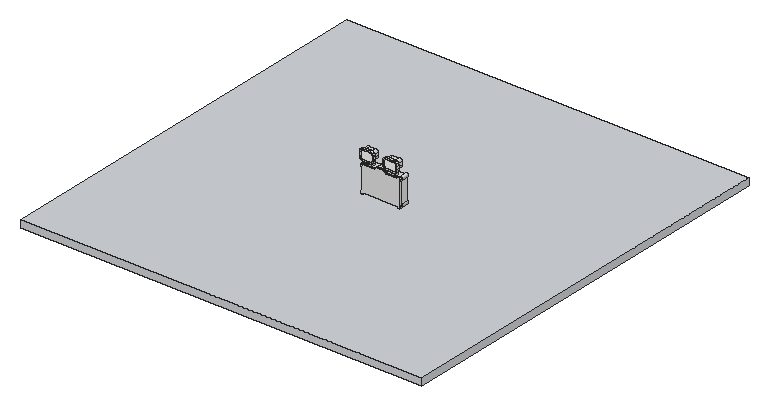
Revit family "Thorn VOYAGER TWINSPOT", category Lighting Fixtures, host Face, Revit 2018
Family settings
  Host = Face
  Round Connector Dimension = Use Diameter
  Part Type = Normal
  OmniClass Number = 23.80.70.11
  OmniClass Title = Luminaries for Internal Lighting
  Cut with Voids When Loaded = No
  Light Source = No
  Shared = No
  Room Calculation Point = No
Parameters (values of type "VOYAGER TWINSPOT MSW E3X-NM WH")
  Width = 67 mm  # constant formula
  Wattage Comments = ""
  Voltage = 230 V
  URL = "www.thornlighting.com/96637114"
  Type Comments = "© Thorn. We reserve the right to make technical changes without prior notice."  # constant formula
  Model = "96637114"
  Manufacturer = "Thorn Lighting"  # constant formula
  Length = 280 mm  # constant formula
  Lamp = "LED"
  Height = 300 mm  # constant formula
  Description = "Durable light weight IP65 LED twin spotlight"  # constant formula
  Default Elevation = 0 mm
  Cover = Thorn_PMMA
  Body = Thorn_Metal_Light_Grey
  Assembly Code = "D5020200"
  Apparent Load = 3.2 VA
Reference planes
  plane 1 "Center (Front/Back)": y = 0
  plane 2 "Top": z = 0
  plane 3 "Center (Left/Right)": x = 399.5
  plane 4: y = 33.5
  plane 5 "Bottom": y = -33.5
  plane 6: z = 190
  plane 7: z = 199.999
  plane 8: y = -21.5
Forms (mm)
  Extrusion 1, solid
    sketch origin (0, 0, 0) x (1, 0, 0) y (0, 1, 0)
      loop
        line (-1010.5, 1431.145) -> (-1010.5, -1431.145) -> (1809.5, -1431.145) -> (1809.5, 1431.145) -> (-1010.5, 1431.145)
    from 0 to -52.502
  Extrusion 2, solid, material "Thorn_Metal_Light_Grey" <- "Body"
    sketch origin (0, 0, 0) x (1, 0, 0) y (0, 0, 1)
      loop
        line (266.5, 170.461) -> (266.5, 19.539)
        arc (266.5, 19.539) -> (262.429, 2.929) -> (279.039, 7) r 10
        line (279.039, 7) -> (519.961, 7)
        arc (519.961, 7) -> (536.571, 2.929) -> (532.5, 19.539) r 10
        line (532.5, 19.539) -> (532.5, 170.461)
        arc (532.5, 170.461) -> (536.571, 187.071) -> (519.961, 183) r 10
        line (519.961, 183) -> (434.919, 183) -> (434.919, 190)
        arc (434.919, 190) -> (431.99, 197.07) -> (424.92, 199.999) r 9.999
        line (424.92, 199.999) -> (374.08, 199.999)
        arc (374.08, 199.999) -> (367.01, 197.07) -> (364.081, 190) r 9.999
        line (364.081, 190) -> (364.081, 183) -> (279.039, 183)
        arc (279.039, 183) -> (262.429, 187.071) -> (266.5, 170.461) r 10
    from 21.5 to 33.5
  Extrusion 3, solid, material "Thorn_Metal_Light_Grey" <- "Body"
    sketch origin (0, 12, 0) x (1, 0, 0) y (0, 0, 1)
      loop
        line (266.5, 170.461) -> (266.5, 19.539)
        arc (266.5, 19.539) -> (262.429, 2.929) -> (279.039, 7) r 10
        line (279.039, 7) -> (519.961, 7)
        arc (519.961, 7) -> (536.571, 2.929) -> (532.5, 19.539) r 10
        line (532.5, 19.539) -> (532.5, 170.461)
        arc (532.5, 170.461) -> (536.571, 187.071) -> (519.961, 183) r 10
        line (519.961, 183) -> (434.919, 183) -> (434.919, 190)
        arc (434.919, 190) -> (431.99, 197.07) -> (424.92, 199.999) r 9.999
        line (424.92, 199.999) -> (374.08, 199.999)
        arc (374.08, 199.999) -> (367.01, 197.07) -> (364.081, 190) r 9.999
        line (364.081, 190) -> (364.081, 183) -> (279.039, 183)
        arc (279.039, 183) -> (262.429, 187.071) -> (266.5, 170.461) r 10
    from -21.5 to 33.5
  Extrusion 4, solid
    sketch origin (0, 0, 0) x (1, 0, 0) y (0, 0, 1)
      loop
        line (306.76, 199.999) -> (306.76, 183) -> (326.281, 183) -> (326.281, 199.999) -> (306.76, 199.999)
      loop
        line (472.719, 199.999) -> (472.719, 183) -> (492.24, 183) -> (492.24, 199.999) -> (472.719, 199.999)
    from -4.21 to 21.5
Dimensions and locks
  plane 5 "Bottom" to plane 4 = 67 mm
  aligned and locked: Extrusion 1 to plane 2 "Top"
Nested families
  nested 1: "Thorn VOYAGER SPOT" at (-82.98, -8.645, 199.999), type "Voyager Twin Spot"
  nested 2: "Thorn VOYAGER SPOT" at (82.98, -8.645, 199.999), type "Voyager Twin Spot"
Connectors
  electrical at (399.5, 33.5, 136.143), driven by "Voltage", driven by "Apparent Load"
    settings: on Extrusion 3, index 1, voltage 230 V, apparent load 3.2 VA, apparent load phase1 0 VA, apparent load phase2 0 VA, apparent load phase3 0 VA, power factor 1, load classification "Lighting", number of poles 1, system type 30, power factor state 1, is connector primary yes, connector utility no, sub classification motor no, connector description "Power"
Definition of nested family "Thorn VOYAGER SPOT"
  Parameters (values of type "Voyager Twin Spot")
    Width = 290 mm  # constant formula
    Wattage Comments = ""
    Wattage = 4.03926 W
    built-in parameter 1150110 = 1 (stored number, unit not read)
    Voltage = 230 V
    URL = ""
    Type Comments = "© Thorn. We reserve the right to make technical changes without prior notice."  # constant formula
    built-in parameter 1114217 = 1 (stored number, unit not read)
    Tilt Angle = -90.00°
    built-in parameter 1150109 = 1 (stored number, unit not read)
    built-in parameter 1150134 = 12
    built-in parameter 1150113 = 1 (stored number, unit not read)
    Photometric Web File = "96637114_(STD).IES"
    Model = ""
    Manufacturer = "Thorn Lighting"  # constant formula
    built-in parameter 1150105 = 47.746 (stored number, unit not read)
    Lumens = 600 lm
    built-in parameter 1150115 = 1 (stored number, unit not read)
    built-in parameter 1150137 = (empty or 0)
    built-in parameter 1150139 = (empty or 0)
    Length = 1650 mm  # constant formula
    built-in parameter 1150112 = 1 (stored number, unit not read)
    built-in parameter 1150114 = 1 (stored number, unit not read)
    Lamp = "LED"
    built-in parameter 1150132 = 2
    built-in parameter 1150102 = (empty or 0)
    built-in parameter 1150107 = 4000 (stored number, unit not read)
    built-in parameter 1150138 = (empty or 0)
    built-in parameter 1150106 = 0.47746 (stored number, unit not read)
    Height = 66 mm  # constant formula
    built-in parameter 1150104 = 13.8 (stored number, unit not read)
    Dimming Lamp Color Temperature Shift = (empty or 0)
    Description = ""
    Default Elevation = 0 mm
    Cover = none
    Color Filter = 16777215
    Body = none
    built-in parameter 1114218 = 1 (stored number, unit not read)
    built-in parameter 1150133 = 10 (stored number, unit not read)
    Assembly Code = "D5020200"
    Apparent Load = 3.2 VA
  Reference planes
    plane 1 "Center (Front/Back)": y = 0
    plane 2 "Top": z = 0
    plane 3 "Center (Left/Right)": x = 399.5
  Forms (mm)
    Extrusion 1, solid
      sketch origin (0, 0, 0) x (1, 0, 0) y (0, 1, 0)
        loop
          line (-1010.5, 1431.145) -> (-1010.5, -1431.145) -> (1809.5, -1431.145) -> (1809.5, 1431.145) -> (-1010.5, 1431.145)
      from 0 to -52.502
    Sweep 2, solid, material <- "Body"
      path origin (0, 0, 0) x (1, 0, 0) y (0, 0, 1)
        loop
          arc (377.246, 101.138) -> (357.98, 93.158) -> (350, 73.892) r 27.246
          line (350, 73.892) -> (350, 51.384)
          arc (350, 51.384) -> (357.98, 32.118) -> (377.246, 24.138) r 27.246
          line (377.246, 24.138) -> (421.754, 24.138)
          arc (421.754, 24.138) -> (441.02, 32.118) -> (449, 51.384) r 27.246
          line (449, 51.384) -> (449, 73.892)
          arc (449, 73.892) -> (441.02, 93.158) -> (421.754, 101.138) r 27.246
          line (421.754, 101.138) -> (377.246, 101.138)
      profile origin (399.5, 0, 101.138) x (0, 0, 1) y (0, -1, 0)
        loop
          line (-6, 44.855) -> (-6, 31.855) -> (0, 31.855) -> (0, 44.855) -> (-6, 44.855)
    Extrusion 3, solid, material <- "Cover"
      sketch origin (0, 0, 0) x (1, 0, 0) y (0, 0, 1)
        loop
          arc (377.246, 95.138) -> (362.223, 88.915) -> (356, 73.892) r 21.246
          line (356, 73.892) -> (356, 51.384)
          arc (356, 51.384) -> (362.223, 36.361) -> (377.246, 30.138) r 21.246
          line (377.246, 30.138) -> (421.754, 30.138)
          arc (421.754, 30.138) -> (436.777, 36.361) -> (443, 51.384) r 21.246
          line (443, 51.384) -> (443, 73.892)
          arc (443, 73.892) -> (436.777, 88.915) -> (421.754, 95.138) r 21.246
          line (421.754, 95.138) -> (377.246, 95.138)
      from 31.855 to 42.855
    Extrusion 4, solid, material <- "Body"
      sketch origin (0, 11, 0) x (1, 0, 0) y (0, 0, 1)
        loop
          arc (377.246, 91.138) -> (365.051, 86.087) -> (360, 73.892) r 17.246
          line (360, 73.892) -> (360, 51.384)
          arc (360, 51.384) -> (365.051, 39.189) -> (377.246, 34.138) r 17.246
          line (377.246, 34.138) -> (421.754, 34.138)
          arc (421.754, 34.138) -> (433.949, 39.189) -> (439, 51.384) r 17.246
          line (439, 51.384) -> (439, 73.892)
          arc (439, 73.892) -> (433.949, 86.087) -> (421.754, 91.138) r 17.246
          line (421.754, 91.138) -> (377.246, 91.138)
      from 0.855 to 42.855
    Extrusion 5, solid, material <- "Body"
      sketch origin (399.5, 0, 0) x (0, 0, -1) y (0, -1, 0)
        loop
          line (-34.138, -6.986) -> (0, -12.855) -> (0, 12.855) -> (-34.138, 2.295) -> (-34.138, -6.986)
      from 11 to 13
    Extrusion 6, solid, material <- "Body"
      sketch origin (399.5, 0, 0) x (0, 0, -1) y (0, 1, 0)
        loop
          line (-34.138, 6.986) -> (-34.138, -2.295) -> (0, -12.855) -> (0, 12.855) -> (-34.138, 6.986)
      from 11 to 13
    Extrusion 7, solid, material <- "Body"
      sketch origin (399.5, 0, 0) x (0, 0, -1) y (0, 1, 0)
        loop
          line (-2, 12.511) -> (-2, -12.237) -> (0, -12.855) -> (0, 12.855) -> (-2, 12.511)
      from -11 to 11
  Cuts and joins
    joined: Extrusion 5, Extrusion 6, Extrusion 7
  Dimensions and locks
    aligned and locked: Extrusion 1 to plane 2 "Top"
